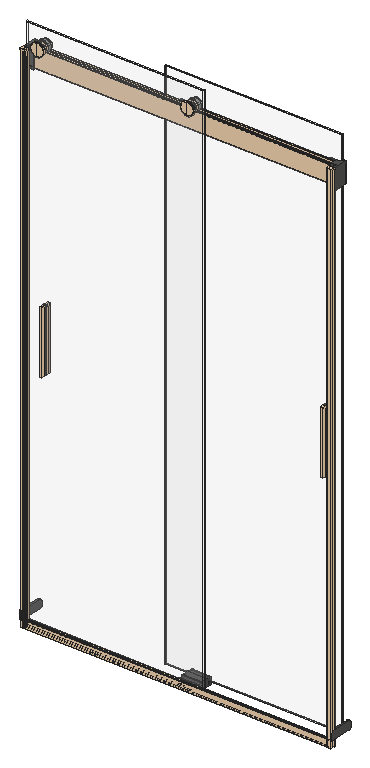
Revit family "Shower-Shower_Door-KOHLER-Levity-K-706375", category Specialty Equipment, host Face, Revit 2021 (continued)
Definition of nested family "K-706375"
  Lines and regions (in)
    symbolic lines, detail levels medium+fine
      curve 169: line (-2.70976, 1.14013, 0) -> (-2.67973, 1.17016, 0)
      curve 170: arc (-2.67973, 1.17016, 0) -> (-2.66535, 1.17976, 0) -> (-2.6484, 1.18313, 0) r 0.0443
      curve 171: line (-1.29024, 0.85754, 0) -> (-1.29024, 1.14013, 0)
      curve 172: line (-1.29024, 1.14013, 0) -> (-1.32166, 1.17155, 0)
      curve 173: arc (-1.32166, 1.17155, 0) -> (-1.3345, 1.18012, 0) -> (-1.34964, 1.18313, 0) r 0.03956
      curve 174: line (-1.29024, 0.85754, 0) -> (-1.2557, 0.85754, 0)
      curve 175: arc (-1.2557, 0.85754, 0) -> (-1.18604, 0.66967, 0) -> (-1.2557, 0.48179, 0) r 0.28819
      curve 176: arc (-2.7443, 0.85754, 0) -> (-2.81778, 0.66967, 0) -> (-2.7443, 0.48179, 0) r 0.27693
      curve 177: line (-1.2557, 0.48179, 0) -> (-1.45253, 0.48179, 0)
      curve 178: line (-1.45253, 0.48179, 0) -> (-1.45253, 0.35633, 0)
      curve 179: line (-1.45253, 0.35633, 0) -> (-1.28916, 0.35633, 0)
      curve 180: line (-1.28916, 0.35633, 0) -> (-1.28916, 0.156, 0)
      curve 181: line (-2.54747, 0.35633, 0) -> (-1.45253, 0.35633, 0)
      curve 182: line (-2.54747, 0.48179, 0) -> (-1.45253, 0.48179, 0)
      curve 183: line (-2.70976, 0.85754, 0) -> (-1.29024, 0.85754, 0)
      curve 184: line (-2.70976, 1.14013, 0) -> (-1.29024, 1.14013, 0)
      curve 185: line (-1.45253, 0.4011, 0) -> (-0.85955, 0.4011, 0)
      curve 186: line (-25.04421, -0.37699, 0) -> (-24.15912, -0.37699, 0)
      curve 187: line (-22.78016, -0.37699, 0) -> (-2.65912, -0.37699, 0)
      curve 188: line (-1.34088, -0.37699, 0) -> (18.07031, -0.37699, 0)
      curve 189: line (18.07031, -0.33981, 0) -> (18.07031, -0.77438, 0)
      curve 190: line (18.80937, -0.2499, 0) -> (18.16022, -0.2499, 0)
      curve 191: arc (18.16022, -0.2499, 0) -> (18.09665, -0.27623, 0) -> (18.07031, -0.33981, 0) r 0.08991
      curve 192: line (18.47922, -0.08606, 0) -> (18.47922, -0.2499, 0)
      curve 193: line (18.50796, -0.22215, 0) -> (18.78079, -0.22215, 0)
      curve 194: arc (18.78079, -0.22215, 0) -> (18.801, -0.21377, 0) -> (18.80937, -0.19356, 0) r 0.02858
      curve 195: arc (18.47922, -0.19341, 0) -> (18.48763, -0.21373, 0) -> (18.50796, -0.22215, 0) r 0.02874
      curve 196: line (17.80647, 0.4011, 0) -> (17.80647, 1.34403, 0)
      curve 197: line (18.47922, 0.27119, 0) -> (18.47922, 1.49455, 0)
      curve 198: line (18.78026, 1.8242, 0) -> (18.50758, 1.82065, 0)
      curve 199: arc (18.50758, 1.82065, 0) -> (18.4875, 1.8121, 0) -> (18.47922, 1.79191, 0) r 0.02874
      curve 200: arc (18.80937, 1.79546, 0) -> (18.80082, 1.81592, 0) -> (18.78026, 1.8242, 0) r 0.02874
      curve 201: line (-5.67267, 1.89685, 0) -> (-4.35444, 1.89685, 0)
      curve 202: line (-5.67267, 2.19273, 0) -> (-4.35444, 2.19273, 0)
      curve 203: line (-5.94935, 2.23255, 0) -> (-4.07776, 2.23255, 0)
      curve 204: line (-4.07776, 2.35828, 0) -> (-5.94935, 2.35828, 0)
      curve 205: line (-5.7244, 1.58485, 0) -> (-4.30271, 1.58485, 0)
      curve 206: line (-5.56102, 1.38684, 0) -> (-4.46609, 1.38684, 0)
      curve 207: line (-3.63208, 1.34403, 0) -> (-0.85955, 1.34403, 0)
      curve 208: line (15.80289, 2.39994, 0) -> (16.06082, 2.39994, 0)
      curve 209: line (15.77588, 2.19273, 0) -> (17.14556, 2.19273, 0)
      curve 210: line (15.55077, 2.3584, 0) -> (17.42212, 2.3584, 0)
      curve 211: line (17.42212, 2.23243, 0) -> (15.55077, 2.23243, 0)
      curve 212: line (15.7443, 1.89685, 0) -> (17.14556, 1.89699, 0)
      curve 213: line (15.7443, 1.58486, 0) -> (17.19729, 1.58485, 0)
      curve 214: line (15.83116, 2.19273, 0) -> (15.83116, 1.89686, 0)
      curve 215: line (17.03391, 1.38684, 0) -> (15.7756, 1.38684, 0)
      curve 216: line (15.7756, 1.38684, 0) -> (15.7756, 1.58486, 0)
      curve 217: line (15.93898, 1.38684, 0) -> (15.93898, 1.34403, 0)
      curve 218: line (-24.80588, 1.00859, 0) -> (-24.20976, 1.00859, 0)
      curve 219: line (17.80647, 0.92184, 0) -> (-1.29024, 0.92184, 0)
      curve 220: line (17.80647, 0.87188, 0) -> (-1.29024, 0.87188, 0)
      curve 221: line (17.80647, 0.46738, 0) -> (-1.45253, 0.46738, 0)
      curve 222: line (-24.20976, 0.92184, 0) -> (-24.80588, 0.92184, 0)
      curve 223: line (-24.20976, 0.87188, 0) -> (-24.80588, 0.87188, 0)
      curve 224: line (-24.04747, 0.46738, 0) -> (-24.80588, 0.46738, 0)
      curve 225: line (-22.79024, 1.00859, 0) -> (-2.70976, 1.00859, 0)
      curve 226: line (-2.70976, 0.92184, 0) -> (-22.79024, 0.92184, 0)
      curve 227: line (-2.70976, 0.87188, 0) -> (-22.79024, 0.87188, 0)
      curve 228: line (-1.29024, 1.00859, 0) -> (17.80647, 1.00859, 0)
      curve 229: line (-2.54475, 0.46738, 0) -> (-22.95253, 0.46738, 0)
  Dimensions and locks (in)
    "Walk Thru": plane 4 to plane 3 "Center (Left/Right)"
    plane 5 to plane 4 = 0.73906"
    plane 6 to plane 5 = 44.60575"
    "Fixed Panel": plane 3 "Center (Left/Right)" to plane 6
    plane 8 to level = 77.55906"
    plane 9 to level = 32.99213"
    locked: plane 10 to plane 9 at 9.01575
    locked: plane 11 "s1" to plane 6 at 2.29637
    locked: plane 12 to plane 6 at 0.29533
    locked: plane 6 to plane 13 at 2.85102
    plane 16 "S3" to plane 3 "Center (Left/Right)" = 5.01355"
    locked: plane 16 "S3" to plane 5 at 23.82293
    locked: plane 17 to plane 16 "S3" at 2
    locked: plane 18 "s4" to plane 5 at 2.32293
    locked: plane 19 to plane 5 at 0.33016
    locked: plane 18 "s4" to plane 20 at 0.55464
    locked: plane 22 to plane 21 at 2.55906
    plane 21 to level = 71.5748"
    locked: plane 6 to Extrusion 1 sketch curve at 0.75216
    plane 24 to plane 23 = 3.46457"
    locked: plane 6 to Extrusion 4 sketch curve at 0.99049
    locked: Extrusion 10 sketch curve to plane 13 at 0.1875
    Extrusion 10 sketch curve to Extrusion 10 sketch curve = 3/8"
    Extrusion 11 sketch curve to Extrusion 11 sketch curve = 3/8"
    locked: Extrusion 21 sketch curve to plane 20 at 0.1875
    locked: Extrusion 21 sketch curve to Extrusion 21 sketch curve at 0.375
    locked: Extrusion 22 sketch curve to Extrusion 22 sketch curve at 0.375
    locked: Masking region 3 sketch curve to plane 3 "Center (Left/Right)" at 3.63208
    locked: Extrusion 27 sketch curve to plane 13 at 0.1875
    locked: Extrusion 27 sketch curve to Extrusion 27 sketch curve at 0.37532  (x2)
    locked: Extrusion 28 sketch curve to plane 20 at 0.1875
    locked: Extrusion 28 sketch curve to Extrusion 28 sketch curve at 0.375  (x2)
    aligned and locked: plane 2 to level
    aligned and locked: Extrusion 1 sketch curve to plane 6  (x2)
    aligned and locked: Extrusion 2 sketch curve to plane 6
    aligned and locked: Extrusion 2 sketch curve to Extrusion 1
    aligned and locked: Extrusion 4 sketch curve to plane 6
    aligned and locked: Extrusion 5 to plane 6
    aligned and locked: plane 12 to Extrusion 5
    aligned and locked: Extrusion 6 to plane 12
    aligned and locked: plane 19 to Extrusion 6
    aligned and locked: plane 19 to Extrusion 7
    aligned and locked: Extrusion 7 to plane 12
    aligned and locked: Extrusion 8 sketch curve to plane 12
    aligned and locked: Extrusion 8 sketch curve to plane 3 "Center (Left/Right)"
    aligned and locked: Extrusion 16 sketch curve to plane 17
    aligned and locked: Extrusion 16 sketch curve to plane 19
    aligned and locked: plane 8 to Extrusion 16
    aligned and locked: Extrusion 17 sketch curve to plane 4
    aligned and locked: plane 5 to Extrusion 17 sketch curve  (x2)
    aligned and locked: Extrusion 18 sketch curve to plane 4
    aligned and locked: Extrusion 18 sketch curve to plane 5
    aligned and locked: plane 5 to Extrusion 19 sketch curve
    aligned and locked: Extrusion 19 sketch curve to plane 19  (x2)
    aligned and locked: Extrusion 20 to plane 5
    aligned and locked: Extrusion 20 to plane 19
    aligned and locked: Masking region 1 sketch curve to plane 12
    aligned and locked: Masking region 1 sketch curve to plane 6
    aligned and locked: Masking region 1 sketch curve to plane 19
    aligned and locked: Masking region 1 sketch curve to plane 5
    aligned and locked: curve 1 to Revolve 3
    aligned and locked: curve 2 to Revolve 3
    aligned and locked: curve 6 to cut or joined group of Extrusion 1, Extrusion 2
    aligned and locked: curve 20 to Extrusion 10
    aligned and locked: curve 26 to Extrusion 21
    aligned and locked: curve 27 to Extrusion 21
    aligned and locked: Masking region 3 sketch curve to plane 6
    aligned and locked: Masking region 3 sketch curve to Extrusion 8
    aligned and locked: Masking region 3 sketch curve to plane 12
    aligned and locked: Masking region 3 sketch curve to Extrusion 12
    aligned and locked: Masking region 3 sketch curve to plane 19  (x2)
    aligned and locked: Masking region 3 sketch curve to plane 5
    aligned and locked: Masking region 4 sketch curve to plane 17
    aligned and locked: Masking region 4 sketch curve to plane 19
    aligned and locked: curve 189 to plane 4
    aligned and locked: Masking region 3 to curve 144
    aligned and locked: Masking region 3 to curve 143
    aligned and locked: Masking region 3 to curve 207
    aligned and locked: Extrusion 24 to plane 12
    aligned and locked: plane 19 to Extrusion 24
    aligned and locked: Extrusion 25 sketch curve to plane 6
    aligned and locked: Extrusion 26 to plane 12
    aligned and locked: plane 19 to Extrusion 26
  Automatic sketch dimensions
    plane 7 to Revolve 3 sketch curve = 0"  (x2)
    Revolve 3 sketch curve to plane 7 = 0.09308"
    Revolve 3 sketch curve to plane 7 = 0.52573"
    Revolve 3 sketch curve to Revolve 3 sketch curve = 0.02173"
    Revolve 3 sketch curve to Revolve 3 sketch curve = 0.12189"
    Revolve 3 sketch curve to Revolve 3 sketch curve = 0.56604"
    Revolve 3 sketch curve to Revolve 3 sketch curve = 0.02902"
    Revolve 3 sketch curve to Revolve 3 sketch curve = 0.03311"
    Revolve 3 sketch curve to Revolve 3 sketch curve = 0.16338"
    Revolve 3 sketch curve to Revolve 3 sketch curve = 0.03346"
    Revolve 3 sketch curve to Revolve 3 sketch curve = 0.03455"
    plane 24 to Revolve 3 sketch curve = 0.20736"
    Revolve 3 sketch curve to Revolve 3 sketch curve = 0.23502"
    plane 24 to Revolve 3 sketch curve = 0.41457"
    Revolve 3 sketch curve to Revolve 3 sketch curve = 0.00185"
    plane 24 to Revolve 3 sketch curve = 0.2489"
    Revolve 3 sketch curve to Revolve 3 sketch curve = 0.04153"
    plane 1 "Center (Front/Back)" to Revolve 3 sketch curve = 0.15652"
    Revolve 3 sketch curve to plane 1 "Center (Front/Back)" = 0.156"
    Revolve 3 sketch curve to Revolve 3 sketch curve = 0.20033"
    Revolve 3 sketch curve to Revolve 3 sketch curve = 0.12547"
    Revolve 3 sketch curve to Revolve 3 sketch curve = 0.18787"
    Revolve 3 sketch curve to Revolve 3 sketch curve = 0.28233"
    Revolve 3 sketch curve to Revolve 3 sketch curve = 0.00025"
    Revolve 3 sketch curve to Revolve 3 sketch curve = 0.03112"
    Revolve 3 sketch curve to Revolve 3 sketch curve = 0.03969"
    Revolve 3 sketch curve to Revolve 3 sketch curve = 0"
    Revolve 3 sketch curve to plane 24 = 0.30346"
    Extrusion 5 sketch curve to plane 23 = 0"
    plane 24 to Extrusion 5 sketch curve = 0.033"
    level to Extrusion 5 sketch curve = 2.13356"
    Extrusion 5 sketch curve to Extrusion 5 sketch curve = 0.24987"
    Extrusion 5 sketch curve to Extrusion 5 sketch curve = 0.57403"
    Extrusion 5 sketch curve to Extrusion 5 sketch curve = 1/4"
    Extrusion 6 sketch curve to level = 0"  (x2)
    Extrusion 6 sketch curve to Extrusion 6 sketch curve = 0.01882"
    Extrusion 6 sketch curve to Extrusion 6 sketch curve = 0.01948"
    Extrusion 6 sketch curve to Extrusion 6 sketch curve = 0.02377"
    Extrusion 6 sketch curve to Extrusion 6 sketch curve = 0.05481"
    Extrusion 6 sketch curve to Extrusion 6 sketch curve = 0.05421"
    level to Extrusion 6 sketch curve = 0.07617"
    Extrusion 6 sketch curve to Extrusion 6 sketch curve = 0.07691"
    Extrusion 6 sketch curve to Extrusion 6 sketch curve = 0.01585"
    Extrusion 6 sketch curve to Extrusion 6 sketch curve = 0.05121"
    Extrusion 6 sketch curve to Extrusion 6 sketch curve = 0.07843"
    Extrusion 6 sketch curve to Extrusion 6 sketch curve = 0.01069"
    Extrusion 6 sketch curve to Extrusion 6 sketch curve = 0.06287"
    Extrusion 6 sketch curve to Extrusion 6 sketch curve = 0.0014"
    Extrusion 6 sketch curve to Extrusion 6 sketch curve = 0.01314"
    Extrusion 6 sketch curve to Extrusion 6 sketch curve = 0.10024"
    Extrusion 6 sketch curve to Extrusion 6 sketch curve = 0.00018"
    Extrusion 6 sketch curve to Extrusion 6 sketch curve = 0.11519"
    Extrusion 6 sketch curve to Extrusion 6 sketch curve = 0.00078"
    Extrusion 6 sketch curve to Extrusion 6 sketch curve = 0.38075"
    Extrusion 6 sketch curve to Extrusion 6 sketch curve = 0.00146"
    plane 24 to Extrusion 6 sketch curve = 0.4012"
    Extrusion 6 sketch curve to Extrusion 6 sketch curve = 0.03416"
    plane 24 to Extrusion 6 sketch curve = 0.31227"
    Extrusion 6 sketch curve to Extrusion 6 sketch curve = 0.00381"
    plane 1 "Center (Front/Back)" to Extrusion 6 sketch curve = 0.37959"
    Extrusion 6 sketch curve to Extrusion 6 sketch curve = 0.05057"
    Extrusion 6 sketch curve to Extrusion 6 sketch curve = 0.00122"
    Extrusion 6 sketch curve to Extrusion 6 sketch curve = 0.04093"
    Extrusion 6 sketch curve to Extrusion 6 sketch curve = 0.04531"
    Extrusion 6 sketch curve to Extrusion 6 sketch curve = 0.00304"
    Extrusion 6 sketch curve to Extrusion 6 sketch curve = 0.03323"
    Extrusion 6 sketch curve to Extrusion 6 sketch curve = 0.02088"
    Extrusion 6 sketch curve to Extrusion 6 sketch curve = 0.00043"
    Extrusion 6 sketch curve to Extrusion 6 sketch curve = 0.01301"
    Extrusion 6 sketch curve to Extrusion 6 sketch curve = 0.01922"
    Extrusion 6 sketch curve to Extrusion 6 sketch curve = 0.0509"
    Extrusion 6 sketch curve to level = 0.01209"
    plane 24 to Extrusion 6 sketch curve = 0.0876"
    Extrusion 6 sketch curve to Extrusion 6 sketch curve = 0.28394"
    plane 24 to Extrusion 6 sketch curve = 0.0583"
    Extrusion 6 sketch curve to Extrusion 6 sketch curve = 0.12996"
    plane 1 "Center (Front/Back)" to Extrusion 6 sketch curve = 0.10741"
    Extrusion 6 sketch curve to Extrusion 6 sketch curve = 0.01231"
    Extrusion 6 sketch curve to Extrusion 6 sketch curve = 0.29622"
    Extrusion 6 sketch curve to Extrusion 6 sketch curve = 0.03031"
    Extrusion 6 sketch curve to Extrusion 6 sketch curve = 0.02299"
    Extrusion 6 sketch curve to Extrusion 6 sketch curve = 0.0327"
    Extrusion 6 sketch curve to Extrusion 6 sketch curve = 0.02676"
    Extrusion 6 sketch curve to Extrusion 6 sketch curve = 0.00971"
    Extrusion 6 sketch curve to Extrusion 6 sketch curve = 0.00612"
    Extrusion 6 sketch curve to Extrusion 6 sketch curve = 0.01994"
    Extrusion 6 sketch curve to Extrusion 6 sketch curve = 0.0183"
    Extrusion 6 sketch curve to Extrusion 6 sketch curve = 0.09304"
    Extrusion 6 sketch curve to Extrusion 6 sketch curve = 0.05382"
    Extrusion 6 sketch curve to Extrusion 6 sketch curve = 0.00009"
    Extrusion 6 sketch curve to Extrusion 6 sketch curve = 0.01042"
    Extrusion 6 sketch curve to Extrusion 6 sketch curve = 0.0066"
    Extrusion 6 sketch curve to Extrusion 6 sketch curve = 0.03247"
    Extrusion 6 sketch curve to Extrusion 6 sketch curve = 0.04991"
    Extrusion 6 sketch curve to Extrusion 6 sketch curve = 0.01967"
    Extrusion 6 sketch curve to Extrusion 6 sketch curve = 0.10511"
    Extrusion 6 sketch curve to Extrusion 6 sketch curve = 0.04894"
    Extrusion 6 sketch curve to Extrusion 6 sketch curve = 0.05278"
    Extrusion 6 sketch curve to Extrusion 6 sketch curve = 0.00234"
    Extrusion 6 sketch curve to Extrusion 6 sketch curve = 0.01744"
    Extrusion 6 sketch curve to Extrusion 6 sketch curve = 0.07195"
    Extrusion 6 sketch curve to Extrusion 6 sketch curve = 0.02457"
    Extrusion 6 sketch curve to Extrusion 6 sketch curve = 0.02351"
    Extrusion 6 sketch curve to Extrusion 6 sketch curve = 0"  (x5)
    Extrusion 6 sketch curve to Extrusion 6 sketch curve = 0.01117"
    level to Extrusion 6 sketch curve = 0.06217"
    Extrusion 6 sketch curve to Extrusion 6 sketch curve = 0.02859"
    Extrusion 7 sketch curve to plane 22 = 0"  (x2)
    Extrusion 7 sketch curve to plane 21 = 0"
    Extrusion 7 sketch curve to plane 22 = 0.01963"
    Extrusion 7 sketch curve to plane 22 = 0.05022"
    Extrusion 7 sketch curve to Extrusion 7 sketch curve = 0.02463"
    Extrusion 7 sketch curve to plane 22 = 0.07879"
    Extrusion 7 sketch curve to Extrusion 7 sketch curve = 0.03142"
    Extrusion 7 sketch curve to plane 22 = 0.11244"
    Extrusion 7 sketch curve to Extrusion 7 sketch curve = 0.03783"
    Extrusion 7 sketch curve to plane 22 = 0.11637"
    Extrusion 7 sketch curve to Extrusion 7 sketch curve = 1/64"
    Extrusion 7 sketch curve to Extrusion 7 sketch curve = 0.01791"
    Extrusion 7 sketch curve to Extrusion 7 sketch curve = 0.02181"
    Extrusion 7 sketch curve to Extrusion 7 sketch curve = 0.03214"
    Extrusion 7 sketch curve to Extrusion 7 sketch curve = 0.0462"
    Extrusion 7 sketch curve to Extrusion 7 sketch curve = 0.06479"
    Extrusion 7 sketch curve to Extrusion 7 sketch curve = 0"
    Extrusion 7 sketch curve to Extrusion 7 sketch curve = 0.01484"
    Extrusion 7 sketch curve to Extrusion 7 sketch curve = 0.1"
    Extrusion 7 sketch curve to Extrusion 7 sketch curve = 0.01867"
    Extrusion 7 sketch curve to Extrusion 7 sketch curve = 0.01379"
    Extrusion 7 sketch curve to Extrusion 7 sketch curve = 0.01979"
    Extrusion 7 sketch curve to Extrusion 7 sketch curve = 0.02164"
    Extrusion 7 sketch curve to Extrusion 7 sketch curve = 0.0623"
    Extrusion 7 sketch curve to Extrusion 7 sketch curve = 0.08091"
    Extrusion 7 sketch curve to Extrusion 7 sketch curve = 0.05593"
    Extrusion 7 sketch curve to Extrusion 7 sketch curve = 0.05917"
    Extrusion 7 sketch curve to Extrusion 7 sketch curve = 0.02474"
    Extrusion 7 sketch curve to Extrusion 7 sketch curve = 0.10891"
    Extrusion 7 sketch curve to Extrusion 7 sketch curve = 0.06318"
    Extrusion 7 sketch curve to Extrusion 7 sketch curve = 0.08476"
    Extrusion 7 sketch curve to Extrusion 7 sketch curve = 0.09839"
    Extrusion 7 sketch curve to Extrusion 7 sketch curve = 0.02198"
    Extrusion 7 sketch curve to Extrusion 7 sketch curve = 0.09241"
    plane 21 to Extrusion 7 sketch curve = 0.3989"
    Extrusion 7 sketch curve to Extrusion 7 sketch curve = 0.0736"
    Extrusion 7 sketch curve to Extrusion 7 sketch curve = 0.00568"
    plane 21 to Extrusion 7 sketch curve = 0.31532"
    Extrusion 7 sketch curve to Extrusion 7 sketch curve = 0.01473"
    Extrusion 7 sketch curve to Extrusion 7 sketch curve = 0.04951"
    Extrusion 7 sketch curve to Extrusion 7 sketch curve = 0.08607"
    Extrusion 7 sketch curve to Extrusion 7 sketch curve = 0.05687"
    plane 21 to Extrusion 7 sketch curve = 0.16204"
    Extrusion 7 sketch curve to Extrusion 7 sketch curve = 0.0735"
    plane 21 to Extrusion 7 sketch curve = 0.07955"
    plane 21 to Extrusion 7 sketch curve = 0.04256"
    plane 21 to Extrusion 7 sketch curve = 0.02424"
    Extrusion 7 sketch curve to plane 25 = 0.39674"
    Extrusion 7 sketch curve to plane 25 = 0.39991"
    Extrusion 7 sketch curve to Extrusion 7 sketch curve = 0.06649"
    Extrusion 7 sketch curve to Extrusion 7 sketch curve = 0.06525"
    Extrusion 7 sketch curve to Extrusion 7 sketch curve = 0.03505"
    Extrusion 7 sketch curve to Extrusion 7 sketch curve = 0.02172"
    Extrusion 7 sketch curve to Extrusion 7 sketch curve = 0.02267"
    Extrusion 7 sketch curve to Extrusion 7 sketch curve = 0.01638"
    Extrusion 7 sketch curve to Extrusion 7 sketch curve = 0.0437"
    Extrusion 7 sketch curve to Extrusion 7 sketch curve = 0.0238"
    Extrusion 7 sketch curve to Extrusion 7 sketch curve = 0.09742"
    Extrusion 7 sketch curve to Extrusion 7 sketch curve = 0.19043"
    Extrusion 7 sketch curve to Extrusion 7 sketch curve = 1/32"
    Extrusion 7 sketch curve to Extrusion 7 sketch curve = 0.1036"
    Extrusion 7 sketch curve to Extrusion 7 sketch curve = 0.08675"
    Extrusion 7 sketch curve to Extrusion 7 sketch curve = 0.17646"
    Extrusion 7 sketch curve to Extrusion 7 sketch curve = 0.00718"
    Extrusion 7 sketch curve to Extrusion 7 sketch curve = 0.03369"
    Extrusion 7 sketch curve to Extrusion 7 sketch curve = 0.01723"
    Extrusion 7 sketch curve to Extrusion 7 sketch curve = 0.04085"
    Extrusion 7 sketch curve to Extrusion 7 sketch curve = 0.10724"
    Extrusion 7 sketch curve to Extrusion 7 sketch curve = 0.02423"
    Extrusion 7 sketch curve to Extrusion 7 sketch curve = 3/128"
    Extrusion 7 sketch curve to Extrusion 7 sketch curve = 0.03021"
    Extrusion 7 sketch curve to Extrusion 7 sketch curve = 0.07613"
    Extrusion 7 sketch curve to Extrusion 7 sketch curve = 0.11122"
    Extrusion 7 sketch curve to Extrusion 7 sketch curve = 0.00923"
    Extrusion 7 sketch curve to Extrusion 7 sketch curve = 0.00982"
    Extrusion 7 sketch curve to Extrusion 7 sketch curve = 0.01465"
    Extrusion 7 sketch curve to Extrusion 7 sketch curve = 0.05546"
    plane 7 to Revolve 9 sketch curve = 0"  (x2)
    Revolve 9 sketch curve to plane 7 = 0.09308"
    Revolve 9 sketch curve to plane 7 = 0.52573"
    Revolve 9 sketch curve to Revolve 9 sketch curve = 0.02173"
    Revolve 9 sketch curve to Revolve 9 sketch curve = 0.12189"
    Revolve 9 sketch curve to Revolve 9 sketch curve = 0.56604"
    Revolve 9 sketch curve to Revolve 9 sketch curve = 0.02902"
    Revolve 9 sketch curve to Revolve 9 sketch curve = 0.03311"
    Revolve 9 sketch curve to Revolve 9 sketch curve = 0.16338"
    Revolve 9 sketch curve to Revolve 9 sketch curve = 0.03346"
    Revolve 9 sketch curve to Revolve 9 sketch curve = 0.03455"
    plane 24 to Revolve 9 sketch curve = 0.20736"
    Revolve 9 sketch curve to Revolve 9 sketch curve = 0.23502"
    plane 24 to Revolve 9 sketch curve = 0.41457"
    Revolve 9 sketch curve to Revolve 9 sketch curve = 0.00185"
    plane 24 to Revolve 9 sketch curve = 0.2489"
    Revolve 9 sketch curve to Revolve 9 sketch curve = 0.04153"
    plane 1 "Center (Front/Back)" to Revolve 9 sketch curve = 0.15652"
    Revolve 9 sketch curve to plane 1 "Center (Front/Back)" = 0.156"
    Revolve 9 sketch curve to Revolve 9 sketch curve = 0.20033"
    Revolve 9 sketch curve to Revolve 9 sketch curve = 0.12547"
    Revolve 9 sketch curve to Revolve 9 sketch curve = 0.18787"
    Revolve 9 sketch curve to Revolve 9 sketch curve = 0.28233"
    Revolve 9 sketch curve to Revolve 9 sketch curve = 0.00025"
    Revolve 9 sketch curve to Revolve 9 sketch curve = 0.03112"
    Revolve 9 sketch curve to Revolve 9 sketch curve = 0.03969"
    Revolve 9 sketch curve to Revolve 9 sketch curve = 0"
    Revolve 9 sketch curve to plane 24 = 0.30346"
    Extrusion 10 sketch curve to plane 9 = 0"
    Extrusion 10 sketch curve to plane 10 = 0"
    Extrusion 11 sketch curve to plane 9 = 0"
    Extrusion 11 sketch curve to plane 10 = 0"
    plane 13 to Extrusion 11 sketch curve = 3/16"
    plane 13 to Extrusion 12 sketch curve = 0.187"  (x2)
    Extrusion 12 sketch curve to Extrusion 12 sketch curve = 0.02062"  (x2)
    plane 13 to Extrusion 12 sketch curve = 0.13166"  (x2)
    Extrusion 12 sketch curve to Extrusion 12 sketch curve = 0.02972"  (x2)
    Extrusion 12 sketch curve to plane 13 = 0.10197"  (x2)
    Extrusion 12 sketch curve to Extrusion 12 sketch curve = 0.0297"  (x2)
    Extrusion 12 sketch curve to plane 13 = 0.16629"  (x2)
    Extrusion 12 sketch curve to Extrusion 12 sketch curve = 0.02071"  (x2)
    plane 24 to Extrusion 12 sketch curve = 0.18787"
    Extrusion 12 sketch curve to Extrusion 12 sketch curve = 0.02627"
    Extrusion 12 sketch curve to Extrusion 12 sketch curve = 0.0263"
    plane 1 "Center (Front/Back)" to Extrusion 12 sketch curve = 0.19941"
    plane 1 "Center (Front/Back)" to Extrusion 12 sketch curve = 0.1993"
    Extrusion 12 sketch curve to Extrusion 12 sketch curve = 0.00254"
    Extrusion 12 sketch curve to plane 1 "Center (Front/Back)" = 0.176"
    Extrusion 12 sketch curve to Extrusion 12 sketch curve = 0.02077"
    Extrusion 12 sketch curve to Extrusion 12 sketch curve = 0.02087"
    Extrusion 12 sketch curve to Extrusion 12 sketch curve = 0.44956"
    Extrusion 12 sketch curve to Extrusion 12 sketch curve = 0.00003"
    Extrusion 12 sketch curve to Extrusion 12 sketch curve = 0.00365"
    Extrusion 13 sketch curve to level = 0"
    plane 24 to Extrusion 13 sketch curve = 0.36045"
    Extrusion 13 sketch curve to Extrusion 13 sketch curve = 0.0767"
    Extrusion 13 sketch curve to Extrusion 13 sketch curve = 0.02056"
    Extrusion 13 sketch curve to Extrusion 13 sketch curve = 0.02408"
    plane 1 "Center (Front/Back)" to Extrusion 13 sketch curve = 0.37665"
    Extrusion 13 sketch curve to Extrusion 13 sketch curve = 0.03427"
    plane 1 "Center (Front/Back)" to Extrusion 13 sketch curve = 0.09772"
    Extrusion 13 sketch curve to Extrusion 13 sketch curve = 0.03183"
    plane 1 "Center (Front/Back)" to Extrusion 13 sketch curve = 0.01254"
    Extrusion 13 sketch curve to plane 1 "Center (Front/Back)" = 0.00612"
    Extrusion 13 sketch curve to Extrusion 13 sketch curve = 0.02193"  (x2)
    Extrusion 13 sketch curve to plane 1 "Center (Front/Back)" = 0.03921"
    Extrusion 13 sketch curve to Extrusion 13 sketch curve = 0.08972"
    Extrusion 13 sketch curve to Extrusion 13 sketch curve = 0.19027"
    level to Extrusion 13 sketch curve = 0.21622"
    Extrusion 13 sketch curve to Extrusion 13 sketch curve = 0.0816"
    Extrusion 13 sketch curve to plane 1 "Center (Front/Back)" = 0.44457"
    Extrusion 13 sketch curve to Extrusion 13 sketch curve = 0.05027"
    Extrusion 13 sketch curve to Extrusion 13 sketch curve = 0.03646"
    Extrusion 13 sketch curve to plane 1 "Center (Front/Back)" = 0.55799"
    Extrusion 13 sketch curve to plane 25 = 0.27007"
    Extrusion 13 sketch curve to Extrusion 13 sketch curve = 0.02731"
    Extrusion 13 sketch curve to Extrusion 13 sketch curve = 0.04913"
    Extrusion 13 sketch curve to Extrusion 13 sketch curve = 0.02106"
    Extrusion 13 sketch curve to plane 25 = 0.1301"
    Extrusion 13 sketch curve to plane 25 = 0.04599"
    plane 25 to Extrusion 13 sketch curve = 0.14827"
    Extrusion 13 sketch curve to Extrusion 13 sketch curve = 0.08188"
    plane 25 to Extrusion 13 sketch curve = 0.24445"
    Extrusion 13 sketch curve to Extrusion 13 sketch curve = 0.02637"
    Extrusion 13 sketch curve to Extrusion 13 sketch curve = 0.12512"
    Extrusion 13 sketch curve to Extrusion 13 sketch curve = 0.02645"
    Extrusion 13 sketch curve to Extrusion 13 sketch curve = 0.24676"
    level to Extrusion 13 sketch curve = 0.0926"
    Extrusion 13 sketch curve to Extrusion 13 sketch curve = 0.03524"
    level to Extrusion 13 sketch curve = 0.13878"
    level to Extrusion 13 sketch curve = 0.13999"
    Extrusion 13 sketch curve to Extrusion 13 sketch curve = 0.07982"
    Extrusion 13 sketch curve to Extrusion 13 sketch curve = 0.08047"
    Extrusion 13 sketch curve to Extrusion 13 sketch curve = 0.08816"
    Extrusion 13 sketch curve to Extrusion 13 sketch curve = 0.1279"
    Extrusion 13 sketch curve to Extrusion 13 sketch curve = 0.00854"
    Extrusion 13 sketch curve to Extrusion 13 sketch curve = 0.02484"
    Extrusion 13 sketch curve to Extrusion 13 sketch curve = 0.0289"
    Extrusion 13 sketch curve to Extrusion 13 sketch curve = 0.53755"
    Extrusion 13 sketch curve to Extrusion 13 sketch curve = 0.00035"
    Extrusion 13 sketch curve to Extrusion 13 sketch curve = 0.14019"
    Extrusion 13 sketch curve to Extrusion 13 sketch curve = 0.80916"
    Extrusion 13 sketch curve to Extrusion 13 sketch curve = 0.0011"
    Extrusion 13 sketch curve to Extrusion 13 sketch curve = 0.01903"
    Extrusion 13 sketch curve to Extrusion 13 sketch curve = 0.00889"
    Extrusion 13 sketch curve to Extrusion 13 sketch curve = 0.00011"
    Extrusion 13 sketch curve to Extrusion 13 sketch curve = 0.00046"
    Extrusion 13 sketch curve to Extrusion 13 sketch curve = 3.15459"
    Extrusion 13 sketch curve to Extrusion 13 sketch curve = 0.02757"
    plane 15 to Revolve 14 sketch curve = 0"  (x2)
    Revolve 14 sketch curve to plane 1 "Center (Front/Back)" = 0.56073"
    Revolve 14 sketch curve to Revolve 14 sketch curve = 0.01143"
    Revolve 14 sketch curve to Revolve 14 sketch curve = 0.03087"
    Revolve 14 sketch curve to Revolve 14 sketch curve = 0.04256"
    Revolve 14 sketch curve to Revolve 14 sketch curve = 0.28258"
    Revolve 14 sketch curve to Revolve 14 sketch curve = 0.18787"  (x2)
    Revolve 14 sketch curve to Revolve 14 sketch curve = 0.12547"
    Revolve 14 sketch curve to plane 25 = 0.15591"
    plane 25 to Revolve 14 sketch curve = 0.15622"
    Revolve 14 sketch curve to Revolve 14 sketch curve = 0.29574"
    Revolve 14 sketch curve to Revolve 14 sketch curve = 0.03969"
    Revolve 14 sketch curve to Revolve 14 sketch curve = 0.12599"
    Revolve 14 sketch curve to Revolve 14 sketch curve = 0.04153"  (x2)
    Revolve 14 sketch curve to plane 15 = 0.09308"
    Revolve 14 sketch curve to plane 15 = 0.52573"
    Revolve 14 sketch curve to Revolve 14 sketch curve = 0.02173"
    Revolve 14 sketch curve to Revolve 14 sketch curve = 0.12189"
    Revolve 14 sketch curve to Revolve 14 sketch curve = 0.56604"
    Revolve 14 sketch curve to Revolve 14 sketch curve = 0.18402"
    Revolve 14 sketch curve to Revolve 14 sketch curve = 0.16338"
    Revolve 14 sketch curve to Revolve 14 sketch curve = 0.03455"
    Revolve 14 sketch curve to Revolve 14 sketch curve = 0.23502"
    Revolve 14 sketch curve to Revolve 14 sketch curve = 0.00185"
    Revolve 14 sketch curve to Revolve 14 sketch curve = 0"
    Revolve 14 sketch curve to plane 23 = 0.31034"
    plane 15 to Revolve 15 sketch curve = 0"  (x2)
    Revolve 15 sketch curve to plane 1 "Center (Front/Back)" = 0.56073"
    Revolve 15 sketch curve to Revolve 15 sketch curve = 0.01143"
    Revolve 15 sketch curve to Revolve 15 sketch curve = 0.03087"
    Revolve 15 sketch curve to Revolve 15 sketch curve = 0.04256"
    Revolve 15 sketch curve to Revolve 15 sketch curve = 0.28258"
    Revolve 15 sketch curve to Revolve 15 sketch curve = 0.18787"  (x2)
    Revolve 15 sketch curve to Revolve 15 sketch curve = 0.12547"
    Revolve 15 sketch curve to plane 25 = 0.15591"
    plane 25 to Revolve 15 sketch curve = 0.15622"
    Revolve 15 sketch curve to Revolve 15 sketch curve = 0.29574"
    Revolve 15 sketch curve to Revolve 15 sketch curve = 0.03969"
    Revolve 15 sketch curve to Revolve 15 sketch curve = 0.12599"
    Revolve 15 sketch curve to Revolve 15 sketch curve = 0.04153"  (x2)
    Revolve 15 sketch curve to plane 15 = 0.09308"
    Revolve 15 sketch curve to plane 15 = 0.52573"
    Revolve 15 sketch curve to Revolve 15 sketch curve = 0.02173"
    Revolve 15 sketch curve to Revolve 15 sketch curve = 0.12189"
    Revolve 15 sketch curve to Revolve 15 sketch curve = 0.56604"
    Revolve 15 sketch curve to Revolve 15 sketch curve = 0.18402"
    Revolve 15 sketch curve to Revolve 15 sketch curve = 0.16338"
    Revolve 15 sketch curve to Revolve 15 sketch curve = 0.03455"
    Revolve 15 sketch curve to Revolve 15 sketch curve = 0.23502"
    Revolve 15 sketch curve to Revolve 15 sketch curve = 0.00185"
    Revolve 15 sketch curve to Revolve 15 sketch curve = 0"
    Revolve 15 sketch curve to plane 23 = 0.31034"
    Extrusion 17 sketch curve to plane 24 = 0"
    plane 4 to Extrusion 17 sketch curve = 0.06152"
    Extrusion 17 sketch curve to Extrusion 17 sketch curve = 0.02824"
    Extrusion 17 sketch curve to Extrusion 17 sketch curve = 0.02838"
    Extrusion 17 sketch curve to Extrusion 17 sketch curve = 0.01102"
    plane 1 "Center (Front/Back)" to Extrusion 17 sketch curve = 0.33981"
    Extrusion 17 sketch curve to Extrusion 17 sketch curve = 0.06029"
    Extrusion 18 sketch curve to plane 24 = 0"
    Extrusion 18 sketch curve to Extrusion 18 sketch curve = 0.08976"
    Extrusion 18 sketch curve to Extrusion 18 sketch curve = 0.08991"
    plane 1 "Center (Front/Back)" to Extrusion 18 sketch curve = 0.33981"
    Extrusion 20 sketch curve to plane 23 = 0"
    plane 24 to Extrusion 20 sketch curve = 0.033"
    level to Extrusion 20 sketch curve = 2.13356"
    Extrusion 20 sketch curve to Extrusion 20 sketch curve = 0.24987"
    Extrusion 20 sketch curve to Extrusion 20 sketch curve = 0.57403"
    Extrusion 20 sketch curve to Extrusion 20 sketch curve = 1/4"
    Extrusion 21 sketch curve to plane 9 = 0"
    Extrusion 21 sketch curve to plane 10 = 0"
    Extrusion 22 sketch curve to plane 9 = 0"
    Extrusion 22 sketch curve to plane 10 = 0"
    plane 20 to Extrusion 22 sketch curve = 3/16"
    plane 20 to Extrusion 23 sketch curve = 0.18695"  (x2)
    Extrusion 23 sketch curve to Extrusion 23 sketch curve = 0.02062"  (x2)
    plane 20 to Extrusion 23 sketch curve = 0.13162"  (x2)
    Extrusion 23 sketch curve to Extrusion 23 sketch curve = 0.02972"  (x2)
    Extrusion 23 sketch curve to plane 20 = 0.10202"  (x2)
    Extrusion 23 sketch curve to Extrusion 23 sketch curve = 0.0297"  (x2)
    Extrusion 23 sketch curve to plane 20 = 0.16634"  (x2)
    Extrusion 23 sketch curve to Extrusion 23 sketch curve = 0.02071"  (x2)
    Extrusion 23 sketch curve to plane 25 = 0.6762"
    Extrusion 23 sketch curve to Extrusion 23 sketch curve = 0.02627"
    Extrusion 23 sketch curve to Extrusion 23 sketch curve = 0.0263"
    Extrusion 23 sketch curve to plane 25 = 0.19933"
    Extrusion 23 sketch curve to plane 25 = 51/256"
    Extrusion 23 sketch curve to Extrusion 23 sketch curve = 0.00254"
    plane 25 to Extrusion 23 sketch curve = 0.17592"
    Extrusion 23 sketch curve to Extrusion 23 sketch curve = 0.02077"
    Extrusion 23 sketch curve to Extrusion 23 sketch curve = 0.02087"
    plane 23 to Extrusion 23 sketch curve = 0.2134"
    Extrusion 23 sketch curve to Extrusion 23 sketch curve = 0.00003"
    Extrusion 23 sketch curve to Extrusion 23 sketch curve = 0.00365"
    curve 58 to plane 9 = 0"
    curve 58 to plane 10 = 0"
    curve 59 to plane 10 = 0"
    curve 59 to plane 9 = 0"
    curve 57 to plane 9 = 0"
    curve 57 to plane 10 = 0"
    curve 55 to plane 10 = 0"
    curve 55 to plane 9 = 0"
    curve 56 to plane 9 = 0"
    curve 56 to plane 10 = 0"
    curve 54 to plane 9 = 0"
    curve 54 to plane 10 = 0"
    curve 52 to plane 10 = 0"
    curve 52 to plane 9 = 0"
    curve 51 to plane 10 = 0"
    curve 51 to plane 9 = 0"
    curve 53 to plane 10 = 0"
    curve 53 to plane 9 = 0"
    plane 24 to curve 63 = 0.033"
    plane 24 to curve 81 = 0.12399"
    plane 1 "Center (Front/Back)" to curve 89 = 0.32991"
    curve 80 to curve 67 = 0.05501"
    plane 1 "Center (Front/Back)" to curve 74 = 0.156"
    curve 72 to plane 25 = 0.24276"
    curve 72 to curve 71 = 0.04913"
    curve 70 to curve 69 = 0.02106"
    curve 68 to plane 25 = 0.15373"
    plane 25 to curve 47 = 0.08712"
    level to curve 63 = 2.13356"
    level to curve 72 = 1.07164"
    level to curve 88 = 1.05967"
    curve 63 to curve 67 = 0"
    curve 90 to curve 67 = 0"
    curve 71 to curve 72 = 0.02158"
    curve 69 to curve 70 = 0.01999"
    curve 73 to curve 67 = 0.38898"
    curve 69 to curve 69 = 23/64"
    curve 46 to plane 21 = 0.22415"
    plane 22 to curve 81 = 0.19459"
    plane 22 to curve 47 = 0.19459"
    plane 24 to curve 83 = 0.05834"
    plane 24 to curve 93 = 0.05834"
    curve 93 to curve 85 = 0.01045"
    curve 82 to curve 77 = 0.01934"
    curve 90 to curve 84 = 0.01946"
    curve 32 to curve 92 = 0.01946"
    curve 84 to curve 77 = 0.03718"
    plane 24 to curve 41 = 0.2489"
    curve 77 to curve 76 = 0.08508"
    curve 41 to curve 40 = 0.12599"
    curve 40 to curve 39 = 0.03969"
    curve 89 to curve 78 = 0.05501"
    curve 67 to curve 87 = 0.00734"
    curve 62 to curve 79 = 0.00734"
    curve 87 to curve 75 = 0.04677"
    curve 87 to curve 76 = 0.04677"
    curve 87 to curve 67 = 0.04677"
    curve 79 to curve 50 = 0.04677"
    curve 79 to curve 62 = 0.04677"
    plane 1 "Center (Front/Back)" to curve 58 = 0.22079"
    curve 58 to curve 59 = 0.04479"
    plane 1 "Center (Front/Back)" to curve 38 = 0.15652"
    curve 59 to curve 57 = 0.02"
    curve 50 to curve 49 = 0.06479"
    curve 62 to curve 61 = 0.06479"
    curve 67 to curve 66 = 0.06479"
    curve 73 to plane 1 "Center (Front/Back)" = 0.03147"
    curve 66 to plane 1 "Center (Front/Back)" = 0.156"
    curve 37 to plane 1 "Center (Front/Back)" = 0.156"
    curve 61 to plane 1 "Center (Front/Back)" = 0.156"
    curve 49 to plane 1 "Center (Front/Back)" = 0.156"
    curve 55 to plane 1 "Center (Front/Back)" = 0.156"
    curve 55 to curve 56 = 0.02"
    curve 37 to curve 36 = 0.20033"
    curve 66 to curve 65 = 0.28901"
    curve 36 to curve 35 = 0.12547"
    curve 35 to curve 33 = 0.37575"
    curve 33 to curve 34 = 0.28258"
    curve 34 to curve 32 = 0.1716"
    curve 72 to curve 71 = 0.01795"
    curve 54 to plane 25 = 0.17592"
    curve 46 to plane 25 = 0.15592"
    curve 48 to plane 25 = 0.15592"
    curve 54 to curve 52 = 0.02"
    curve 54 to curve 52 = 0.02219"
    curve 60 to plane 25 = 0.15373"
    plane 25 to curve 42 = 0.15608"
    plane 25 to curve 51 = 0.15608"
    plane 25 to curve 60 = 0.15608"
    plane 25 to curve 65 = 0.15608"
    curve 51 to curve 53 = 0.01984"
    curve 65 to curve 64 = 0.08872"
    curve 64 to curve 64 = 0.17657"
    curve 42 to curve 43 = 0.29588"
    plane 21 to curve 44 = 0.13552"
    curve 43 to curve 44 = 0.03969"
    curve 44 to curve 45 = 0.12599"
    curve 85 to curve 62 = 0"
    curve 62 to curve 61 = 0"
    curve 72 to curve 60 = 1.06192"
    curve 85 to curve 92 = 0"
    curve 65 to curve 64 = 0"
    curve 66 to curve 65 = 0"
    curve 74 to curve 66 = 0.17137"
    curve 75 to curve 74 = 0"
    level to curve 75 = 0.15967"
    level to curve 76 = 0.07617"
    level to curve 81 = 0.07617"
    curve 82 to curve 77 = 0"
    curve 83 to curve 82 = 0"
    curve 49 to plane 21 = 0.22415"
    curve 50 to curve 49 = 0"
    curve 44 to curve 45 = 0"  (x2)
    curve 44 to curve 43 = 0.27655"
    curve 42 to curve 43 = 0"  (x2)
    curve 43 to plane 15 = 0.65912"
    curve 43 to curve 45 = 0.27655"
    curve 82 to curve 32 = 0"
    curve 93 to curve 82 = 0"
    curve 35 to plane 7 = 0.54747"
    curve 36 to curve 35 = 0"
    curve 39 to plane 7 = 0.65912"
    curve 39 to curve 38 = 0"
    curve 35 to curve 33 = 0.16229"
    curve 33 to curve 34 = 0"
    curve 36 to curve 37 = 0.16338"
    curve 39 to curve 41 = 0.27655"
    curve 41 to curve 40 = 0"
    plane 24 to Extrusion 24 sketch curve = 0.08813"
    Extrusion 24 sketch curve to Extrusion 24 sketch curve = 0.3995"
    plane 24 to Extrusion 24 sketch curve = 0.78116"
    level to Extrusion 24 sketch curve = 0"
    Extrusion 24 sketch curve to Extrusion 24 sketch curve = 0.07617"
    Extrusion 24 sketch curve to Extrusion 24 sketch curve = 1.04196"
    Extrusion 26 sketch curve to plane 21 = 0"
    plane 24 to Extrusion 26 sketch curve = 1.26524"
    Extrusion 26 sketch curve to plane 22 = 0"
    plane 24 to Extrusion 26 sketch curve = 2.20817"
    plane 13 to Extrusion 27 sketch curve = 3/16"
    plane 24 to Extrusion 27 sketch curve = 0.18787"
    plane 1 "Center (Front/Back)" to Extrusion 27 sketch curve = 0.176"
    Extrusion 27 sketch curve to plane 1 "Center (Front/Back)" = 0.176"
    Extrusion 27 sketch curve to Extrusion 27 sketch curve = 0.50028"
    curve 24 to curve 25 = 0"  (x2)
    curve 8 to plane 6 = 0"
    curve 9 to plane 6 = 0"
    curve 3 to plane 12 = 0"
    curve 5 to plane 12 = 0"
    curve 19 to plane 10 = 0"
    curve 18 to plane 9 = 0"
    curve 25 to plane 7 = 0"
    plane 14 "s2" to curve 25 = 0"
    curve 16 to plane 3 "Center (Left/Right)" = 0"
    curve 30 to plane 10 = 0"
    curve 30 to plane 9 = 0"
    curve 17 to plane 21 = 0"
    curve 16 to plane 22 = 0"
    curve 13 to plane 4 = 0"
    curve 11 to plane 19 = 0"
    curve 10 to plane 8 = 0"
    plane 22 to curve 4 = 0.19459"
    plane 12 to curve 4 = 0.45683"
    plane 13 to curve 19 = 3/16"
    curve 14 to plane 4 = 0.26384"
    level to curve 5 = 0.07994"
    level to curve 13 = 0.07941"
    curve 14 to plane 21 = 0.22415"
    curve 18 to curve 22 = 0.05584"
    curve 23 to curve 19 = 0.05584"
    curve 26 to curve 30 = 0.05588"
    curve 31 to curve 27 = 0.05578"
    curve 14 to curve 12 = 0.02824"
    plane 19 to curve 12 = 0.02837"
    curve 5 to curve 9 = 2.05362"
    curve 5 to curve 8 = 0.97972"
    level to curve 10 = 1.04657"
    level to curve 6 = 0.07994"
    plane 22 to curve 6 = 0.19459"
    plane 22 to curve 12 = 0.20811"
    curve 14 to curve 12 = 0"
    Extrusion 1 sketch curve to plane 24 = 0"
    plane 6 to Extrusion 1 sketch curve = 0.06646"  (x2)
    Extrusion 1 sketch curve to plane 12 = 0.11544"
    Extrusion 1 sketch curve to plane 12 = 29/256"
    Extrusion 1 sketch curve to Extrusion 1 sketch curve = 0.02161"
    Extrusion 1 sketch curve to Extrusion 1 sketch curve = 0.01991"
    Extrusion 1 sketch curve to Extrusion 1 sketch curve = 0.02226"
    Extrusion 1 sketch curve to plane 12 = 0.03097"
    Extrusion 1 sketch curve to plane 12 = 0.03048"
    plane 12 to Extrusion 1 sketch curve = 0.03287"
    plane 12 to Extrusion 1 sketch curve = 0.03349"
    plane 12 to Extrusion 1 sketch curve = 0.0336"
    Extrusion 1 sketch curve to Extrusion 1 sketch curve = 0.02239"
    Extrusion 1 sketch curve to Extrusion 1 sketch curve = 0.11246"
    Extrusion 1 sketch curve to Extrusion 1 sketch curve = 0.13589"
    Extrusion 1 sketch curve to Extrusion 1 sketch curve = 0.04857"
    Extrusion 1 sketch curve to Extrusion 1 sketch curve = 0.04984"
    plane 24 to Extrusion 1 sketch curve = 0.09596"
    Extrusion 1 sketch curve to Extrusion 1 sketch curve = 0.00647"
    Extrusion 1 sketch curve to Extrusion 1 sketch curve = 0.00638"
    Extrusion 1 sketch curve to Extrusion 1 sketch curve = 0.10906"
    Extrusion 1 sketch curve to Extrusion 1 sketch curve = 0.12321"
    Extrusion 1 sketch curve to Extrusion 1 sketch curve = 0.00632"
    Extrusion 1 sketch curve to Extrusion 1 sketch curve = 0.01796"
    Extrusion 1 sketch curve to Extrusion 1 sketch curve = 0.03634"
    plane 24 to Extrusion 1 sketch curve = 0.05834"
    Extrusion 1 sketch curve to Extrusion 1 sketch curve = 0.01045"
    plane 24 to Extrusion 1 sketch curve = 0.06912"
    Extrusion 1 sketch curve to Extrusion 1 sketch curve = 0.03044"
    Extrusion 1 sketch curve to Extrusion 1 sketch curve = 0.01327"
    Extrusion 1 sketch curve to Extrusion 1 sketch curve = 0.0552"
    plane 1 "Center (Front/Back)" to Extrusion 1 sketch curve = 0.3523"
    Extrusion 1 sketch curve to Extrusion 1 sketch curve = 0.00013"
    Extrusion 1 sketch curve to Extrusion 1 sketch curve = 0.00403"
    Extrusion 1 sketch curve to Extrusion 1 sketch curve = 0.0041"
    Extrusion 1 sketch curve to Extrusion 1 sketch curve = 0.0151"
    Extrusion 1 sketch curve to Extrusion 1 sketch curve = 0.04773"
    Extrusion 1 sketch curve to Extrusion 1 sketch curve = 0.02622"
    Extrusion 1 sketch curve to Extrusion 1 sketch curve = 0.05501"
    Extrusion 2 sketch curve to plane 24 = 0"
    Extrusion 2 sketch curve to Extrusion 2 sketch curve = 0.10906"
    Extrusion 2 sketch curve to Extrusion 2 sketch curve = 0.10905"
    plane 1 "Center (Front/Back)" to Extrusion 2 sketch curve = 0.32984"
    Extrusion 4 sketch curve to plane 12 = 0"  (x2)
    Extrusion 4 sketch curve to Extrusion 4 sketch curve = 0.02216"
    Extrusion 4 sketch curve to plane 12 = 0.02676"
    Extrusion 4 sketch curve to plane 12 = 0.02069"
    Extrusion 4 sketch curve to plane 12 = 0.02027"
    plane 12 to Extrusion 4 sketch curve = 0.02069"
    Extrusion 4 sketch curve to Extrusion 4 sketch curve = 0.00037"
    plane 12 to Extrusion 4 sketch curve = 0.02476"
    Extrusion 4 sketch curve to Extrusion 4 sketch curve = 0.00044"  (x3)
    Extrusion 4 sketch curve to Extrusion 4 sketch curve = 0.02522"
    Extrusion 4 sketch curve to Extrusion 4 sketch curve = 0.0252"
    Extrusion 4 sketch curve to plane 25 = 0.30015"
    Extrusion 4 sketch curve to plane 1 "Center (Front/Back)" = 0.31469"
    Extrusion 4 sketch curve to plane 1 "Center (Front/Back)" = 0.30342"
    plane 1 "Center (Front/Back)" to Extrusion 4 sketch curve = 0.19403"
    Extrusion 4 sketch curve to plane 25 = 0.28881"
    plane 25 to Extrusion 4 sketch curve = 0.06136"
    plane 25 to Extrusion 4 sketch curve = 0.06496"
    Extrusion 8 sketch curve to plane 3 "Center (Left/Right)" = 0"
    plane 12 to Extrusion 8 sketch curve = 7/64"
    plane 1 "Center (Front/Back)" to Extrusion 8 sketch curve = 0.04655"
    Extrusion 8 sketch curve to Extrusion 8 sketch curve = 0.00009"
    Extrusion 8 sketch curve to plane 3 "Center (Left/Right)" = 0.10945"  (x2)
    Extrusion 8 sketch curve to plane 1 "Center (Front/Back)" = 0.04655"
    Extrusion 16 sketch curve to plane 19 = 0"
    Extrusion 16 sketch curve to plane 25 = 0.04372"
    plane 17 to Extrusion 16 sketch curve = 0.1122"
    plane 25 to Extrusion 16 sketch curve = 0.04372"
    Extrusion 16 sketch curve to Extrusion 16 sketch curve = 0.00016"
    Extrusion 16 sketch curve to plane 19 = 0.1122"  (x2)
    Extrusion 19 sketch curve to plane 19 = 0.02824"
    Extrusion 19 sketch curve to Extrusion 19 sketch curve = 0.0005"  (x2)
    Extrusion 19 sketch curve to plane 19 = 0.04554"
    Extrusion 19 sketch curve to Extrusion 19 sketch curve = 0.04635"
    Extrusion 19 sketch curve to plane 4 = 0.2351"
    Extrusion 19 sketch curve to plane 4 = 0.24231"
    Extrusion 19 sketch curve to Extrusion 19 sketch curve = 0.00038"
    Extrusion 19 sketch curve to Extrusion 19 sketch curve = 0.02874"
    plane 19 to Extrusion 19 sketch curve = 0.02837"
    plane 19 to Extrusion 19 sketch curve = 0.02874"  (x2)
    plane 5 to Extrusion 19 sketch curve = 0.02911"
    plane 5 to Extrusion 19 sketch curve = 0.02874"
    plane 5 to Extrusion 19 sketch curve = 0.02858"
    plane 1 "Center (Front/Back)" to Extrusion 19 sketch curve = 0.22215"
    Extrusion 19 sketch curve to plane 1 "Center (Front/Back)" = 0.27119"
    Extrusion 19 sketch curve to plane 1 "Center (Front/Back)" = 0.31069"
    Extrusion 19 sketch curve to plane 25 = 0.32468"
    Extrusion 19 sketch curve to plane 25 = 0.29257"
    plane 25 to Extrusion 19 sketch curve = 0.05113"
    plane 25 to Extrusion 19 sketch curve = 7/128"
    Masking region 1 sketch curve to level = 0"
    Masking region 1 sketch curve to plane 12 = 0"
    Masking region 1 sketch curve to plane 19 = 0"
    Masking region 1 sketch curve to plane 8 = 0"
    level to Masking region 1 sketch curve = 0.07941"
    Masking region 1 sketch curve to Masking region 1 sketch curve = 0.07994"
    plane 22 to Masking region 1 sketch curve = 0.19459"
    plane 22 to Masking region 1 sketch curve = 0.20811"
    Masking region 2 sketch curve to Masking region 2 sketch curve = 0"  (x4)
    Masking region 2 sketch curve to plane 24 = 0"
    Masking region 2 sketch curve to level = 0"  (x3)
    Masking region 2 sketch curve to plane 10 = 0"  (x4)
    Masking region 2 sketch curve to plane 9 = 0"  (x4)
    Masking region 2 sketch curve to plane 8 = 0"  (x2)
    Masking region 2 sketch curve to plane 23 = 0"
    plane 24 to Masking region 2 sketch curve = 0.07258"
    Masking region 2 sketch curve to Masking region 2 sketch curve = 0.01555"
    Masking region 2 sketch curve to Masking region 2 sketch curve = 0.06363"
    Masking region 2 sketch curve to Masking region 2 sketch curve = 0.02887"
    plane 24 to Masking region 2 sketch curve = 0.20736"
    Masking region 2 sketch curve to Masking region 2 sketch curve = 0.07349"
    Masking region 2 sketch curve to Masking region 2 sketch curve = 0.04153"  (x3)
    Masking region 2 sketch curve to Masking region 2 sketch curve = 0.08923"
    Masking region 2 sketch curve to Masking region 2 sketch curve = 0.03837"
    Masking region 2 sketch curve to Masking region 2 sketch curve = 0.03247"
    Masking region 2 sketch curve to Masking region 2 sketch curve = 0.12599"  (x3)
    Masking region 2 sketch curve to Masking region 2 sketch curve = 0.03969"  (x6)
    plane 1 "Center (Front/Back)" to Masking region 2 sketch curve = 0.22079"  (x4)
    plane 1 "Center (Front/Back)" to Masking region 2 sketch curve = 0.156"
    Masking region 2 sketch curve to Masking region 2 sketch curve = 0.06479"  (x3)
    plane 1 "Center (Front/Back)" to Masking region 2 sketch curve = 0.10741"
    Masking region 2 sketch curve to Masking region 2 sketch curve = 0.0097"
    Masking region 2 sketch curve to Masking region 2 sketch curve = 0.02136"
    Masking region 2 sketch curve to Masking region 2 sketch curve = 0.03183"  (x2)
    plane 1 "Center (Front/Back)" to Masking region 2 sketch curve = 0.01254"
    Masking region 2 sketch curve to plane 1 "Center (Front/Back)" = 0.03147"
    Masking region 2 sketch curve to plane 1 "Center (Front/Back)" = 0.03921"
    Masking region 2 sketch curve to Masking region 2 sketch curve = 0.08972"
    Masking region 2 sketch curve to plane 1 "Center (Front/Back)" = 0.156"  (x4)
    Masking region 2 sketch curve to Masking region 2 sketch curve = 0.19027"
    Masking region 2 sketch curve to Masking region 2 sketch curve = 0.20033"
    level to Masking region 2 sketch curve = 0.21622"
    Masking region 2 sketch curve to Masking region 2 sketch curve = 0.0816"
    Masking region 2 sketch curve to Masking region 2 sketch curve = 0.28901"
    Masking region 2 sketch curve to Masking region 2 sketch curve = 0.12547"
    Masking region 2 sketch curve to Masking region 2 sketch curve = 0.15718"
    Masking region 2 sketch curve to Masking region 2 sketch curve = 0.18787"  (x2)
    Masking region 2 sketch curve to Masking region 2 sketch curve = 0.52028"
    Masking region 2 sketch curve to Masking region 2 sketch curve = 0.3883"
    Masking region 2 sketch curve to Masking region 2 sketch curve = 0.27811"
    Masking region 2 sketch curve to Masking region 2 sketch curve = 0.00448"
    Masking region 2 sketch curve to Masking region 2 sketch curve = 0.02968"
    Masking region 2 sketch curve to Masking region 2 sketch curve = 0.01255"
    Masking region 2 sketch curve to plane 25 = 0.15592"  (x2)
    Masking region 2 sketch curve to plane 25 = 0.15373"  (x2)
    Masking region 2 sketch curve to plane 25 = 0.1301"
    Masking region 2 sketch curve to plane 25 = 0.04599"
    plane 25 to Masking region 2 sketch curve = 0.14827"
    plane 25 to Masking region 2 sketch curve = 0.15608"  (x4)
    Masking region 2 sketch curve to Masking region 2 sketch curve = 0.08188"
    Masking region 2 sketch curve to Masking region 2 sketch curve = 0.08872"
    Masking region 2 sketch curve to Masking region 2 sketch curve = 0.17657"
    Masking region 2 sketch curve to Masking region 2 sketch curve = 0.29588"  (x2)
    Masking region 2 sketch curve to Masking region 2 sketch curve = 0.24676"
    Masking region 2 sketch curve to Masking region 2 sketch curve = 0.18828"
    plane 23 to Masking region 2 sketch curve = 0.24987"
    plane 23 to Masking region 2 sketch curve = 0.18346"
    Masking region 2 sketch curve to level = 0.04217"
    Masking region 2 sketch curve to level = 0.15558"
    Masking region 2 sketch curve to Masking region 2 sketch curve = 0.01882"
    level to Masking region 2 sketch curve = 0.01948"
    Masking region 2 sketch curve to Masking region 2 sketch curve = 0.02377"
    level to Masking region 2 sketch curve = 0.05481"
    Masking region 2 sketch curve to Masking region 2 sketch curve = 0.07617"
    Masking region 2 sketch curve to Masking region 2 sketch curve = 0.03292"
    Masking region 2 sketch curve to Masking region 2 sketch curve = 0.03779"
    Masking region 2 sketch curve to Masking region 2 sketch curve = 0.03524"
    Masking region 2 sketch curve to Masking region 2 sketch curve = 0.07744"
    level to Masking region 2 sketch curve = 0.13999"
    Masking region 2 sketch curve to Masking region 2 sketch curve = 0.07982"
    Masking region 2 sketch curve to Masking region 2 sketch curve = 0.08047"
    Masking region 2 sketch curve to Masking region 2 sketch curve = 0.08816"
    Masking region 2 sketch curve to Masking region 2 sketch curve = 0.45089"
    Masking region 2 sketch curve to Masking region 2 sketch curve = 0.44218"
    Masking region 2 sketch curve to Masking region 2 sketch curve = 0.21761"
    Masking region 2 sketch curve to Masking region 2 sketch curve = 0.17137"
    Masking region 2 sketch curve to Masking region 2 sketch curve = 0.38898"  (x2)
    Masking region 2 sketch curve to Masking region 2 sketch curve = 0.57403"
    Masking region 2 sketch curve to Masking region 2 sketch curve = 1.0739"
    Masking region 2 sketch curve to Masking region 2 sketch curve = 2.08534"
    Masking region 2 sketch curve to plane 21 = 0.22415"  (x2)
    plane 21 to Masking region 2 sketch curve = 0.13552"
    Masking region 2 sketch curve to Masking region 2 sketch curve = 0.23686"
    Masking region 2 sketch curve to plane 15 = 0.65912"
    Masking region 2 sketch curve to Masking region 2 sketch curve = 0.23502"  (x2)
    Masking region 2 sketch curve to Masking region 2 sketch curve = 0.00185"  (x2)
    plane 22 to Masking region 2 sketch curve = 0.19459"  (x2)
    Masking region 2 sketch curve to plane 7 = 0.52775"
    Masking region 2 sketch curve to Masking region 2 sketch curve = 0.01971"
    Masking region 2 sketch curve to Masking region 2 sketch curve = 0.11832"
    Masking region 2 sketch curve to plane 7 = 0.65912"
    Masking region 2 sketch curve to Masking region 2 sketch curve = 0.16338"
    Masking region 2 sketch curve to Masking region 2 sketch curve = 0.03346"
    Masking region 2 sketch curve to Masking region 2 sketch curve = 0.04332"
    Masking region 2 sketch curve to Masking region 2 sketch curve = 0.01081"
    Masking region 3 sketch curve to plane 12 = 0"
    Masking region 3 sketch curve to plane 24 = 0"  (x2)
    Masking region 3 sketch curve to plane 3 "Center (Left/Right)" = 0"
    plane 23 to Masking region 3 sketch curve = 0"  (x2)
    plane 12 to Masking region 3 sketch curve = 0.02069"
    Masking region 3 sketch curve to Masking region 3 sketch curve = 0.02106"
    plane 12 to Masking region 3 sketch curve = 0.02476"
    Masking region 3 sketch curve to Masking region 3 sketch curve = 0.0252"  (x2)
    plane 24 to Masking region 3 sketch curve = 0.10906"
    plane 12 to Masking region 3 sketch curve = 0.34777"
    plane 24 to Masking region 3 sketch curve = 0.08813"
    Masking region 3 sketch curve to Masking region 3 sketch curve = 0.64925"
    Masking region 3 sketch curve to Masking region 3 sketch curve = 0.5606"
    Masking region 3 sketch curve to plane 25 = 0.30015"
    Masking region 3 sketch curve to Masking region 3 sketch curve = 0.00044"  (x2)
    Masking region 3 sketch curve to plane 1 "Center (Front/Back)" = 0.31469"
    Masking region 3 sketch curve to Masking region 3 sketch curve = 0.02522"
    Masking region 3 sketch curve to Masking region 3 sketch curve = 0.59504"
    Masking region 3 sketch curve to Masking region 3 sketch curve = 0.16338"
    plane 13 to Masking region 3 sketch curve = 0.00815"
    Masking region 3 sketch curve to plane 13 = 0.16223"
    Masking region 3 sketch curve to plane 13 = 0.187"
    Masking region 3 sketch curve to Masking region 3 sketch curve = 0.0005"  (x2)
    Masking region 3 sketch curve to plane 1 "Center (Front/Back)" = 0.156"
    Masking region 3 sketch curve to Masking region 3 sketch curve = 0"  (x3)
    Masking region 3 sketch curve to plane 25 = 0.39674"
    Masking region 3 sketch curve to plane 3 "Center (Left/Right)" = 0.85955"  (x2)
    Masking region 3 sketch curve to plane 1 "Center (Front/Back)" = 0.4011"
    Masking region 3 sketch curve to plane 3 "Center (Left/Right)" = 0.10945"
    plane 1 "Center (Front/Back)" to Masking region 3 sketch curve = 0.04655"
    Masking region 3 sketch curve to plane 3 "Center (Left/Right)" = 0.00738"
    Masking region 3 sketch curve to plane 4 = 0.26384"  (x2)
    Masking region 3 sketch curve to Masking region 3 sketch curve = 0.02116"
    Masking region 3 sketch curve to Masking region 3 sketch curve = 0.00038"
    Masking region 3 sketch curve to Masking region 3 sketch curve = 0.02824"
    plane 4 to Masking region 3 sketch curve = 0"
    plane 4 to Masking region 3 sketch curve = 0.08976"
    Masking region 3 sketch curve to Masking region 3 sketch curve = 0.04635"
    Masking region 3 sketch curve to plane 19 = 0.04554"
    Masking region 3 sketch curve to Masking region 3 sketch curve = 0.02874"
    Masking region 3 sketch curve to plane 19 = 0.02824"
    Masking region 3 sketch curve to plane 1 "Center (Front/Back)" = 0.04655"
    Masking region 3 sketch curve to plane 1 "Center (Front/Back)" = 0.27119"
    Masking region 3 sketch curve to Masking region 3 sketch curve = 0.12223"
    Masking region 3 sketch curve to Masking region 3 sketch curve = 0.09042"
    Masking region 3 sketch curve to Masking region 3 sketch curve = 0.20033"
    Masking region 3 sketch curve to Masking region 3 sketch curve = 0.04478"
    Masking region 3 sketch curve to Masking region 3 sketch curve = 0.07137"
    Masking region 3 sketch curve to Masking region 3 sketch curve = 0.07206"
    Masking region 3 sketch curve to plane 25 = 0.29257"
    Masking region 3 sketch curve to plane 25 = 0.28881"
    plane 23 to Masking region 3 sketch curve = 0.38275"
    Masking region 4 sketch curve to plane 18 "s4" = 0"
    Masking region 4 sketch curve to plane 25 = 0.04372"
    plane 17 to Masking region 4 sketch curve = 0.1122"
    plane 25 to Masking region 4 sketch curve = 0.04372"
    Masking region 4 sketch curve to Masking region 4 sketch curve = 0.00016"  (x2)
    plane 23 to Masking region 4 sketch curve = 0.24214"  (x2)
    Masking region 4 sketch curve to plane 16 "S3" = 0.9358"
    plane 23 to Masking region 4 sketch curve = 0.40769"
    Masking region 4 sketch curve to Masking region 4 sketch curve = 0.03982"  (x3)
    Masking region 4 sketch curve to Masking region 4 sketch curve = 0.04166"  (x3)
    Masking region 4 sketch curve to plane 25 = 0.35393"
    Masking region 4 sketch curve to plane 16 "S3" = 0.71084"
    Masking region 4 sketch curve to Masking region 4 sketch curve = 0.05172"
    Masking region 4 sketch curve to Masking region 4 sketch curve = 0.16338"  (x3)
    plane 16 "S3" to Masking region 4 sketch curve = 0.54747"
    plane 25 to Masking region 4 sketch curve = 0.15608"
    Masking region 4 sketch curve to Masking region 4 sketch curve = 0.11165"
    Masking region 4 sketch curve to Masking region 4 sketch curve = 0.23502"  (x2)
    Masking region 4 sketch curve to Masking region 4 sketch curve = 0.00185"  (x2)
    plane 20 to Masking region 4 sketch curve = 0.38103"
